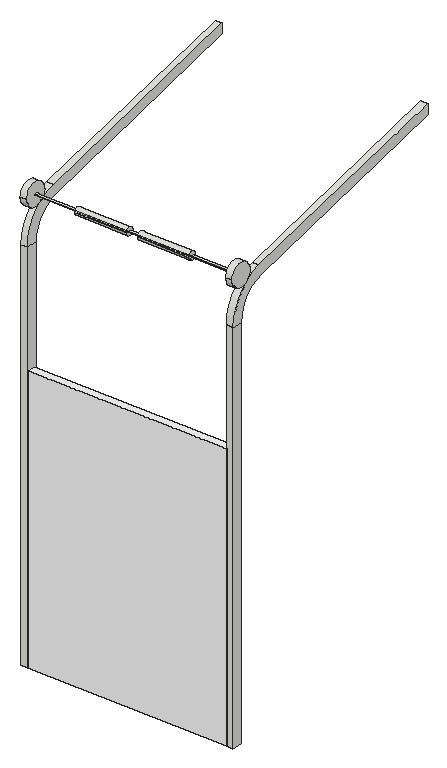
Revit family "VC-HL-312", category Generic Models, host Wall, Revit 2026
Family settings
  Host = Wall
  Can host rebar = No
  Round Connector Dimension = Use Diameter
  Part Type = Normal
  Always vertical = Yes
  Cut with Voids When Loaded = Yes
  Maintain Annotation Orientation = No
  Shared = No
  Room Calculation Point = No
Parameters (values of type "9' x 12'")
  VerticalTrack [instance] = 17' - 0 1/2"
  Type Comments = "Insulated"  # constant formula
  TrackWidth = 0' - 3 1/2"
  TrackHeight = OpeningHeight + HeadRoom  # 17' - 0 1/2"
  TrackDepth = 0' - 5 3/8"  # constant formula
  Track Style = "High Lift 3/12 Pitch"  # constant formula
  PitTrackCutW = 1' - 0"
  PitTrackCutL = 1' - 0"
  PanelSize = 4' - 0"  # constant formula
  OpeningWidth = 9' - 0"
  OpeningHeight = 12' - 0 1/2"
  Model = "Verticool"  # constant formula
  Manufacturer = "TKO"  # constant formula
  HorizTrack = OpeningHeight - HeadRoom + 2' 0"  # 9' - 0 1/2"
  HeadRoom = 5' - 0"  # constant formula
  DoorThk = 0' - 4"  # constant formula
  Description = "Sectional Door"  # constant formula
  Default Elevation = 0' - 0"
  BelowFinFloor = 1' - 0 1/2"
Types (10): name | VerticalTrack | TrackHeight | OpeningWidth | OpeningHeight | HorizTrack
  (no name) | 17' - 0 1/2" | 17' - 0 1/2" | 9' - 0" | 12' - 0 1/2" | 9' - 0 1/2"
  8' x 10' | 13' - 0 1/2" | 15' - 0 1/2" | 8' - 0" | 10' - 0 1/2" | 7' - 0 1/2"
  9' x 10' | 13' - 0 1/2" | 15' - 0 1/2" | 9' - 0" | 10' - 0 1/2" | 7' - 0 1/2"
  10' x 10' | 13' - 0 1/2" | 15' - 0 1/2" | 10' - 0" | 10' - 0 1/2" | 7' - 0 1/2"
  10' x 11' | 14' - 0 1/2" | 16' - 0 1/2" | 10' - 0" | 11' - 0 1/2" | 8' - 0 1/2"
  9' x 11' | 14' - 0 1/2" | 16' - 0 1/2" | 9' - 0" | 11' - 0 1/2" | 8' - 0 1/2"
  8' x 11' | 14' - 0 1/2" | 16' - 0 1/2" | 8' - 0" | 11' - 0 1/2" | 8' - 0 1/2"
  9' x 12' | 17' - 0 1/2" | 17' - 0 1/2" | 9' - 0" | 12' - 0 1/2" | 9' - 0 1/2"
  8' x 12' | 15' - 0 1/2" | 17' - 0 1/2" | 8' - 0" | 12' - 0 1/2" | 9' - 0 1/2"
  10' x 12' | 15' - 0 1/2" | 17' - 0 1/2" | 10' - 0" | 12' - 0 1/2" | 9' - 0 1/2"
Reference planes (in)
  plane 1: y = 0
  plane 2 "Center (Left/Right)": x = 0
  plane 3 "Wall Edge": y = 3
  plane 4: x = -54
  plane 5: x = 54
  plane 6 "Bottom Of Door": z = -12.5
  plane 7: z = 132
  plane 8: y = 15
  plane 9: x = 66
  plane 10: x = -66
  plane 11: y = 3
  plane 12: y = 7
  plane 13: z = 35.5
  plane 14: z = 83.5
  plane 15: z = 131.5
  plane 16: x = -57.5
  plane 17: x = 57.5
  plane 18: y = 8.375
  plane 19: z = 192
  plane 20: z = 210
  plane 21: y = 26.375
  plane 22: z = 215.375
  plane 23: y = 134.875
  plane 24: x = -31
  plane 25: x = -3
  plane 26: x = 3
  plane 27: x = 31
Forms (in)
  Extrusion 1, void
    sketch origin (0, 3, 0) x (1, 0, 0) y (0, 0, 1)
      loop
        line (54, 132) -> (-54, 132) -> (-54, -12.5) -> (54, -12.5) -> (54, 132)
    from 0 to 6
  Extrusion 2, void
    sketch origin (0, 0, 0) x (1, 0, 0) y (0, 1, 0)
      loop
        line (-66, 15) -> (-66, 3) -> (-54, 3) -> (-54, -3) -> (54, -3) -> (54, 3) -> (66, 3) -> (66, 15) -> (-66, 15)
    from -12.5 to 0
  Extrusion 3, solid, material "DOOR PANEL"
    sketch origin (0, 0, 0) x (1, 0, 0) y (0, 1, 0)
      loop
        line (-54, 7) -> (-54, 3) -> (54, 3) -> (54, 7) -> (-54, 7)
    from -12.5 to 132
  Extrusion 4, solid, material "Steel"
    sketch origin (0, 0, 0) x (1, 0, 0) y (0, 1, 0)
      loop
        line (-57.5, 8.375) -> (-57.5, 3) -> (-54, 3) -> (-54, 8.375) -> (-57.5, 8.375)
      loop
        line (54, 8.375) -> (54, 3) -> (57.5, 3) -> (57.5, 8.375) -> (54, 8.375)
    from -12.5 to 192
  Extrusion 5, solid, material "Steel"
    sketch origin (0, 0, 0) x (0, 1, 0) y (0, 0, 1)
      loop
        arc (8.375, 192) -> (12.19081, 203.08191) -> (22.02041, 209.46532) r 18
        line (22.02041, 209.46532) -> (134.875, 237.60313) -> (134.875, 243.14268) -> (20.72008, 214.68066)
        arc (20.72008, 214.68066) -> (7.95525, 206.39109) -> (3, 192) r 23.375
        line (3, 192) -> (8.375, 192)
    from -57.5 to -54
  Extrusion 6, solid, material "Steel"
    sketch origin (0, 0, 0) x (0, 1, 0) y (0, 0, 1)
      loop
        circle (8.375, 215.375) r 6
    from -57.5 to -54
  Extrusion 7, solid, material "Steel"
    sketch origin (0, 0, 0) x (0, 1, 0) y (0, 0, 1)
      loop
        circle (8.375, 215.375) r 6
    from 54 to 57.5
  Extrusion 8, solid, material "Steel"
    sketch origin (0, 0, 0) x (0, 1, 0) y (0, 0, 1)
      loop
        circle (8.375, 215.375) r 0.5
    from -54 to 54
  Extrusion 9, solid, material "Steel"
    sketch origin (0, 0, 0) x (0, 1, 0) y (0, 0, 1)
      loop
        circle (8.375, 215.375) r 2
    from 3 to 31
  Extrusion 10, solid, material "Steel"
    sketch origin (-0.5, 0, 27.94939) x (0, 1, 0) y (0, 0, -1)
      loop
        circle (8.375, -187.42561) r 2
    from 2.5 to 30.5
  Extrusion 11, solid, material "Steel"
    sketch origin (0, 0, 0) x (0, 1, 0) y (0, 0, 1)
      loop
        arc (8.375, 192) -> (12.19081, 203.08191) -> (22.02041, 209.46532) r 18
        line (22.02041, 209.46532) -> (134.875, 237.60313) -> (134.875, 243.14268) -> (20.72008, 214.68066)
        arc (20.72008, 214.68066) -> (7.95525, 206.39109) -> (3, 192) r 23.375
        line (3, 192) -> (8.375, 192)
    from 54 to 57.5
Lines and regions (in)
  model lines
    curve 1: line (54, 3, 35.5) -> (-54, 3, 35.5)
    curve 2: line (-54, 3, 83.5) -> (54, 3, 83.5)
    curve 3: line (54, 3, 131.5) -> (-54, 3, 131.5)
Text (in)
  text "Placement Side" at (0, 240.99209, 123.01588), in view "Right"
  text "Placement Side" at (-70.3804, 83.26548, 0), in view "Ref. Level"
  text "Placement Side" at (0, 81.62555, 140.59947), in view "Left"
Dimensions and locks (in)
  locked: plane 3 "Wall Edge" to host wall
  equal spacing: plane 5, plane 2 "Center (Left/Right)", plane 4
  "OpeningWidth": plane 5 to plane 4
  "BelowFinFloor": plane 6 "Bottom Of Door" to level
  "OpeningHeight": plane 6 "Bottom Of Door" to plane 7
  "PitTrackCutW": plane 5 to plane 9
  "PitTrackCutW": plane 10 to plane 4
  "PitTrackCutL": plane 11 to plane 8
  "DoorThk": plane 11 to plane 12
  "PanelSize": plane 13 to plane 6 "Bottom Of Door"
  equal spacing: plane 15, plane 14, plane 13, plane 6 "Bottom Of Door"
  host wall to Extrusion 3 = 0' - 7"
  "TrackDepth": plane 18 to plane 11
  "TrackWidth": plane 16 to plane 4
  "TrackWidth": plane 5 to plane 17
  locked: plane 20 to plane 19 at 18
  locked: plane 21 to Extrusion 4 at 18
  "TrackDepth": plane 22 to plane 20
  "HeadRoom": plane 7 to plane 19
  "VerticalTrack": plane 19 to plane 6 "Bottom Of Door"
  "HorizTrack": plane 21 to plane 23
  locked: plane 24 to plane 25 at 28
  locked: plane 26 to plane 27 at 28
  equal spacing: plane 25, plane 2 "Center (Left/Right)", plane 26, locked at 3 each
  "TrackDepth": Extrusion 5 sketch curve to Extrusion 5 sketch curve
  Extrusion 5 to Extrusion 5 = 0' - 5 3/8"
  radius of Extrusion 5 sketch curve = 1' - 6"
  radius of Extrusion 6 sketch curve = 0' - 6"
  radius of Extrusion 7 sketch curve = 0' - 6"
  radius of Extrusion 8 sketch curve = 0' - 0 1/2"
  radius of Extrusion 9 sketch curve = 0' - 2"
  radius of Extrusion 10 sketch curve = 0' - 2"
  radius of Extrusion 5 sketch curve = 1' - 11 3/8"
  radius of Extrusion 11 sketch curve = 1' - 6"
  radius of Extrusion 11 sketch curve = 1' - 11 3/8"
  angle Extrusion 5 sketch curve to Extrusion 5 sketch curve = 76.00°
  locked: Extrusion 5 sketch curve to Extrusion 5 sketch curve (angle 76.00°)
  locked: plane 20 to Extrusion 5 sketch curve (angle 14.00°)  (x2)
  locked: Extrusion 11 sketch curve to Extrusion 11 sketch curve (angle 76.00°)  (x2)
  locked: plane 19 to Extrusion 5 (angle 14.00°)  (x2)
  aligned and locked: host wall to plane 11
  aligned and locked: Extrusion 1 sketch curve to plane 5
  aligned and locked: Extrusion 1 sketch curve to plane 6 "Bottom Of Door"
  aligned and locked: Extrusion 1 sketch curve to plane 4
  aligned and locked: Extrusion 1 to plane 11
  aligned and locked: host wall to Extrusion 1
  aligned and locked: Extrusion 2 sketch curve to plane 8
  aligned and locked: plane 10 to Extrusion 2 sketch curve
  aligned and locked: Extrusion 2 sketch curve to plane 11  (x2)
  aligned and locked: Extrusion 2 sketch curve to plane 9
  aligned and locked: Extrusion 2 to plane 6 "Bottom Of Door"
  aligned and locked: level to Extrusion 2
  aligned and locked: Extrusion 2 sketch curve to plane 5
  aligned and locked: plane 4 to Extrusion 2 sketch curve
  aligned and locked: Extrusion 2 sketch curve to host wall
  aligned and locked: Extrusion 3 to plane 3 "Wall Edge"
  aligned and locked: plane 12 to Extrusion 3
  aligned and locked: Extrusion 3 to plane 7
  aligned and locked: Extrusion 3 to plane 6 "Bottom Of Door"
  aligned and locked: Extrusion 4 sketch curve to plane 18  (x2)
  aligned and locked: Extrusion 4 sketch curve to plane 16
  aligned and locked: curve 1 to Extrusion 4 sketch curve
  aligned and locked: Extrusion 4 sketch curve to Extrusion 2
  aligned and locked: plane 5 to Extrusion 4 sketch curve
  aligned and locked: Extrusion 4 sketch curve to plane 11
  aligned and locked: Extrusion 4 sketch curve to plane 17
  aligned and locked: Extrusion 4 to plane 6 "Bottom Of Door"
  aligned and locked: plane 19 to Extrusion 4
  aligned and locked: curve 2 to plane 14
  aligned and locked: curve 3 to plane 15
  aligned and locked: curve 1 to plane 13
  aligned and locked: Extrusion 5 sketch curve to plane 11
  aligned and locked: Extrusion 5 sketch curve to Extrusion 4
  aligned and locked: plane 16 to Extrusion 5
  aligned and locked: Extrusion 5 to plane 4
  aligned and locked: plane 22 to Extrusion 6 sketch curve
  aligned and locked: Extrusion 4 to Extrusion 6 sketch curve
  aligned and locked: Extrusion 7 sketch curve to Extrusion 4
  aligned and locked: Extrusion 7 sketch curve to plane 22
  aligned and locked: plane 17 to Extrusion 7
  aligned and locked: Extrusion 7 to plane 5
  aligned and locked: Extrusion 6 to plane 16
  aligned and locked: plane 4 to Extrusion 6
  aligned and locked: plane 22 to Extrusion 8 sketch curve
  aligned and locked: Extrusion 4 to Extrusion 8 sketch curve
  aligned and locked: Extrusion 8 to plane 4
  aligned and locked: plane 5 to Extrusion 8
  aligned and locked: plane 22 to Extrusion 9 sketch curve
  aligned and locked: Extrusion 4 to Extrusion 9 sketch curve
  aligned and locked: Extrusion 9 to plane 26
  aligned and locked: plane 27 to Extrusion 9
  aligned and locked: Extrusion 10 to plane 24
  aligned and locked: plane 25 to Extrusion 10
  aligned and locked: plane 22 to Extrusion 10 sketch curve
  aligned and locked: Extrusion 4 to Extrusion 10 sketch curve
  aligned and locked: plane 23 to Extrusion 5 sketch curve
  aligned and locked: Extrusion 11 sketch curve to plane 23
  aligned and locked: plane 17 to Extrusion 11
  aligned and locked: Extrusion 11 to plane 5
  aligned and locked: Extrusion 11 sketch curve to Extrusion 5  (x2)
Automatic sketch dimensions
  Extrusion 1 sketch curve to plane 7 = 0' - 0"
  Extrusion 3 sketch curve to host wall = 0' - 0"
  Extrusion 3 sketch curve to plane 4 = 0' - 0"
  Extrusion 3 sketch curve to plane 5 = 0' - 0"
  Extrusion 3 sketch curve to plane 12 = 0' - 0"
  curve 1 to plane 4 = 0' - 0"
  curve 2 to plane 4 = 0' - 0"
  curve 3 to plane 4 = 0' - 0"
  curve 3 to plane 5 = 0' - 0"
  curve 2 to plane 5 = 0' - 0"
  curve 1 to plane 5 = 0' - 0"
  Extrusion 4 sketch curve to plane 17 = 0' - 0"
  Extrusion 11 sketch curve to host wall = 0' - 0"
